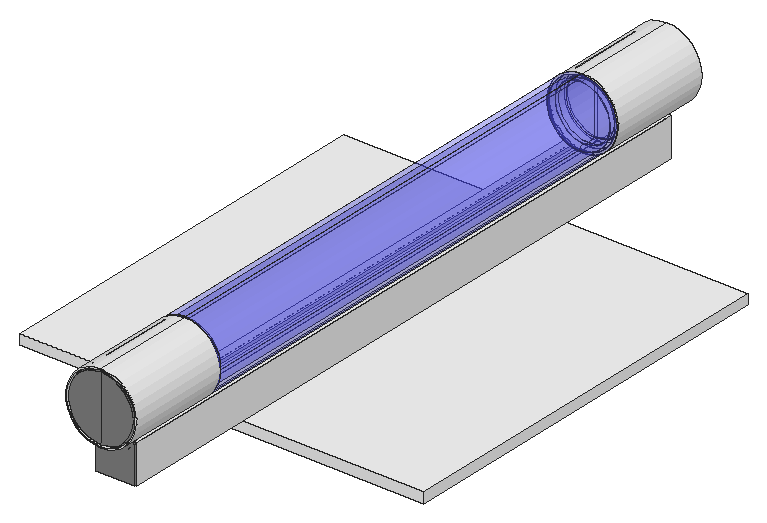
Revit family "BE_23256.1_de_DE", category Leuchten, Revit 2015
Parameters (values of type "BEGA_23256.1_K4")
  built-in parameter 1150104 = 11.669 (stored number, unit not read)
  Wattage = 16.8 W
  Default Elevation = 0 mm
  built-in parameter 1150113 = 1 (stored number, unit not read)
  built-in parameter 1114218 = 1 (stored number, unit not read)
  Umgebungstemperatur = "25 °C"
  URL = "http://www.bega.de/produkt/23256.1"
  Typenkommentare = "© 2017 BEGA. Wir behalten uns das Recht vor, technische Änderungen ohne vorherige Ankündigung vorzunehmen."  # constant formula
  built-in parameter 1150134 = 12
  built-in parameter 1150109 = 1 (stored number, unit not read)
  Strom = ""
  built-in parameter 1150110 = 1 (stored number, unit not read)
  Spannung = 239.996 V
  Sonderanfertigung = no
  Seriennummer [instance] = "Hier können Sie die eindeutige Seriennummer für das Facility Management eintragen."
  Schutzklasse = "I"
  Schutzart = "IP 44"
  Scheinlast = 0 VA
  Produktdatenblatt = "http://www.bega.de/download/Xrfa/db/23256.1.db.de.pdf"
  Oberflächentemperatur = ""
  Neigungswinkel = 0.00°
  Modell = "23256.1K4"
  Material_17 = BEGA_Reflektor
  Material_15 = BEGA_Leuchtmedium_matt
  Material_11 = BEGA_Glas_opal
  Material_09 = BEGA_Glas_klar
  Material_06 = BEGA_Oberfläche_Edelstahl_gebürstet
  Material_05 = BEGA_Oberfläche_Aluminium Guss
  Material_04 = BEGA_Kunststoff_Grafit_matt
  Material_03 = BEGA_Oberfläche_Weiss_matt
  Material_02 = BEGA_Oberfläche_Silber_matt
  Material_01 [instance] = BEGA_Oberfläche_Grafit_matt
  M_W = no
  M_G = no
  M_A = no
  Logo = 0
  built-in parameter 1114217 = 1 (stored number, unit not read)
  built-in parameter 1150139 = (empty or 0)
  built-in parameter 1150105 = 167.91 (stored number, unit not read)
  built-in parameter 1150114 = 1 (stored number, unit not read)
  Lumens = 2110.08 lm
  built-in parameter 1150115 = 1 (stored number, unit not read)
  Leuchtenlichtstrom = "1302 lm"
  Leuchtenanzahl = ""
  Lebensdauerkriterien = "L70B50 @ 25 °C = 250000 h"
  Lastklassifizierung = Beleuchtung
  built-in parameter 1150112 = 1 (stored number, unit not read)
  Lampenlichtstrom = "2110 lm"
  Lampe = "LED 16.8 W"
  LED_Modulbezeichnung = "2x LED-0425/840"
  Hersteller = "BEGA"  # constant formula
  Halbstreuwinkel = ""
  Gewicht = "2.2 kg"
  Gebrauchslageneinschränkung [instance] = ""
  Frequenz = "0/50-60 Hz"
  Farbwiedergabeindex = "Ra > 80"
  Farbtemperaturverschiebung bei Dämpfen der Lampe = <Keine Auswahl>
  Farbtemperatur = "4000 K"
  Color Filter = 16777215
  built-in parameter 1150133 = 10 (stored number, unit not read)
  Energieeffizienzklasse = "LED A++ - A"
  built-in parameter 1150137 = (empty or 0)
  built-in parameter 1150132 = (empty or 0)
  ENEC = ""
  Dimmbar [instance] = ""
  Datei für fotometrisches Netz = "BE_23256K4.IES"
  CE_Konformität = "ja"
  Bestellnummer = "23256.1K4"
  Beschreibung_Sonderanfertigung = "Hier können Sie Informationen zur Sonderanfertigung eintragen."
  Beschreibung = "Wandleuchte"
  built-in parameter 1150106 = 1.6791 (stored number, unit not read)
  Befestigungsbohrung = "Ø 6 mm"
  Befestigungsabstand = "460 mm"
  Ballwurfsicher = ""
  BEGA_Intern_aus = yes
  BEGA_Intern_an = yes
  BEGA_Intern_Konstruktion = yes
  BEGA_Intern = yes
  BEGA_IES = yes
  BEGA_Dummy = no
  Anschlussleitung = ""
  Anschlussleistung [instance] = "20 W"
  Anschlusskasten = ""
  built-in parameter 1150107 = 4000 (stored number, unit not read)
  built-in parameter 1150102 = (empty or 0)
  built-in parameter 1150138 = (empty or 0)
  Aktualisierung = "2017-09-29T04:10:01"
  Abstand_zur_angestrahlten_Fläche [instance] = ""
  AC/DC = "AC/DC"
Types (2, lengths in mm): name | built-in parameter 1150104 | built-in parameter 1150134 | Modell | built-in parameter 1150105 | Lumens | Leuchtenlichtstrom | Lampenlichtstrom | LED_Modulbezeichnung | Farbtemperatur | Datei für fotometrisches Netz | Bestellnummer | built-in parameter 1150106 | built-in parameter 1150107
  BEGA_23256.1_K3 | 10.842 (stored number, unit not read) | (empty or 0) | "23256.1" | 156.02 (stored number, unit not read) | 1960.56 lm | "1210 lm" | "1960 lm" | "2x LED-0425/830" | "3000 K" | "BE_23256.IES" | "23256.1" | 1.5602 (stored number, unit not read) | 3000 (stored number, unit not read)
  BEGA_23256.1_K4 | 11.669 (stored number, unit not read) | 12 | "23256.1K4" | 167.91 (stored number, unit not read) | 2110.08 lm | "1302 lm" | "2110 lm" | "2x LED-0425/840" | "4000 K" | "BE_23256K4.IES" | "23256.1K4" | 1.6791 (stored number, unit not read) | 4000 (stored number, unit not read)
Reference planes
  plane 1 "Mitte (Vorne/Hinten)": y = 0
  plane 2: z = 0
  plane 3 "Mitte (Links/Rechts)": x = 0
  plane 4 "Links": x = -35
  plane 5 "Rechts": x = 35
  plane 6 "Unten": y = -349.5
  plane 7 "Oben": y = 349.5
  plane 8 "Vorne": z = 104.517
  plane 9 "Hinten": z = 0
Forms (mm)
  Extrusion 1, solid, material "BEGA_Platte_Weiss"
    sketch origin (0, -1119.2, 0) x (1, 0, 0) y (0, 1, 0)
      loop
        line (-200, 1319.2) -> (-200, 919.2) -> (200, 919.2) -> (200, 1319.2) -> (-200, 1319.2)
    from 0 to -10
  Extrusion 2, solid, material "BEGA_Dummy_matt", visible <- "BEGA_Dummy"
    sketch origin (80.095, -76.023, 0) x (1, 0, 0) y (0, 1, 0)
      loop
        line (-115.095, 425.523) -> (-115.095, -273.477) -> (-45.095, -273.477) -> (-45.095, 425.523) -> (-115.095, 425.523)
    from 0 to 104.517
Dimensions and locks
  plane 1 "Mitte (Vorne/Hinten)" to Extrusion 1 = 200 mm
  aligned and locked: plane 2 to Extrusion 1
  aligned and locked: level to Extrusion 1
Nested families
  nested 1: "BE_23256.1" at (0, 0, 0) x (0, 1, 0) z (0, 0, 1), type "BE_23256.1"
Connectors
  electrical at (0, 0, 0), driven by "Lastklassifizierung", driven by "Spannung", driven by "Scheinlast"
    settings: index 1, voltage 239.996 V, apparent load 0 VA, apparent load phase1 0 VA, apparent load phase2 0 VA, apparent load phase3 0 VA, power factor 1, load classification "Beleuchtung", number of poles 1, system type 31, power factor state 1, is connector primary yes, connector utility no, sub classification motor no, connector description ""
Definition of nested family "BE_23256.1"
  Parameters (values of type "BE_23256.1")
    Default Elevation = 1 mm
    URL = "http://www.bega.de/de/produkt"
    Type Comments = "© 2015 BEGA. Wir behalten uns das Recht vor, technische Änderungen ohne vorherige Ankündigung vorzunehmen. "  # constant formula
    Type Image = (empty or 0)
    Neigungswinkel_um_Z2 = 0.00°
    Neigungswinkel_um_Z1 = 0.00°
    Neigungswinkel_um_Y2 = 0.00°
    Neigungswinkel_um_Y1 = 0.00°
    Neigungswinkel_um_X2 = 0.00°
    Neigungswinkel_um_X1 = 0.00°
    Material_17 = none
    Material_15 = none
    Material_11 = none
    Material_09 = none
    Material_06 = none
    Material_05 = none
    Material_04 = none
    Material_03 = none
    Material_02 = none
    Material_01 = none
    M_W = yes
    M_G = yes
    M_A = yes
    Länge_Platte = 800 mm  # constant formula
    Höhe_Platte = -10 mm  # constant formula
    Manufacturer = "BEGA"  # constant formula
    Drehwinkel_um_Z2 = 0.00°
    Drehwinkel_um_Z1 = 0.00°
    Breite_Platte = 200 mm  # constant formula
  Reference planes
    plane 1 "Mitte (Oben/Unten)": y = 0
    plane 2: z = 0
    plane 3 "Mitte (Links/Rechts)": x = 0
    plane 4: y = 35
    plane 5: y = -35
    plane 6: z = 104.517
    plane 7: x = -349.5
    plane 8: x = 349.5
    plane 9: z = 104.517
  Forms (mm)
    Extrusion 1, solid, detail levels medium
      sketch origin (0, 0, 0) x (1, 0, 0) y (0, 1, 0)
        loop
          line (-400, 100) -> (-400, -100) -> (400, -100) -> (400, 100) -> (-400, 100)
      from 0 to -10 <- "Höhe_Platte"
    Extrusion 2, solid, material <- "Material_03", detail levels medium+fine
      sketch origin (0, 0, 0) x (0, 1, 0) y (0, 0, 1)
        loop
          line (-20, 37.5) -> (-20, 0) -> (-15.75, 0) -> (-15.75, 6.5) -> (-16.8, 6.5)
          arc (-16.8, 6.5) -> (-17.507, 6.793) -> (-17.8, 7.5) r 1
          line (-17.8, 7.5) -> (-17.8, 32.29)
          arc (-17.8, 32.29) -> (-16.811, 33.7) -> (-15.148, 33.251) r 1.5
          line (-15.148, 33.251) -> (-11.917, 29.4) -> (11.917, 29.4) -> (15.148, 33.251)
          arc (15.148, 33.251) -> (16.811, 33.7) -> (17.8, 32.29) r 1.5
          line (17.8, 32.29) -> (17.8, 7.5)
          arc (17.8, 7.5) -> (17.507, 6.793) -> (16.8, 6.5) r 1
          line (16.8, 6.5) -> (15.75, 6.5) -> (15.75, 0) -> (20, 0) -> (20, 37.5) -> (18, 39.5)
          arc (18, 39.5) -> (15.101, 37.578) -> (12, 36.005) r 30
          line (12, 36.005) -> (12, 33.9)
          arc (12, 33.9) -> (11.561, 32.839) -> (10.5, 32.4) r 1.5
          line (10.5, 32.4) -> (-10.5, 32.4)
          arc (-10.5, 32.4) -> (-11.561, 32.839) -> (-12, 33.9) r 1.5
          line (-12, 33.9) -> (-12, 36.005)
          arc (-12, 36.005) -> (-15.101, 37.578) -> (-18, 39.5) r 30
          line (-18, 39.5) -> (-20, 37.5)
      from -330.5 to 329.203
    Extrusion 3, solid, material <- "Material_03", detail levels medium+fine
      sketch origin (0, 0, 0) x (1, 0, 0) y (0, 0, 1)
        loop
          line (222.5, 4.3) -> (222.5, 1) -> (242.5, 1) -> (242.5, 4.3) -> (222.5, 4.3)
        loop
          line (-237.5, 4.3) -> (-237.5, 1) -> (-217.5, 1) -> (-217.5, 4.3) -> (-237.5, 4.3)
      from -17.577 to 17.577
    Extrusion 4, solid, material <- "Material_04", detail levels medium+fine
      sketch origin (0, 0, 0) x (0, 1, 0) y (0, 0, 1)
        loop
          line (-18.99, 0.01) -> (18.99, 0.01) -> (19, 36.578) -> (17.542, 38.036)
          arc (17.542, 38.036) -> (0, 32.49) -> (-17.542, 38.036) r 30.51
          line (-17.542, 38.036) -> (-18.99, 36.588) -> (-18.99, 0.01)
      from 329.203 to 331
    Extrusion 5, solid, material <- "Material_04", detail levels medium+fine
      sketch origin (0, 0, 0) x (0, 1, 0) y (0, 0, -1)
        loop
          line (-18.99, -0.01) -> (-18.99, -36.588) -> (-17.542, -38.036)
          arc (-17.542, -38.036) -> (0, -32.49) -> (17.542, -38.036) r 30.51
          line (17.542, -38.036) -> (19, -36.578) -> (18.99, -0.01) -> (-18.99, -0.01)
      from 330.5 to 332
    Extrusion 6, void
      sketch origin (0, 0, 0) x (1, 0, 0) y (0, 1, 0)
        loop
          arc (229.5, 3) -> (226.5, 0) -> (229.5, -3) r 3
          line (229.5, -3) -> (235.5, -3)
          arc (235.5, -3) -> (237.616, -2.127) -> (238.5, -0.016) r 3
          arc (238.5, -0.016) -> (237.616, 2.127) -> (235.5, 3) r 3
          line (235.5, 3) -> (229.5, 3)
        loop
          arc (-224.5, 3) -> (-227.5, 6) -> (-230.5, 3) r 3
          line (-230.5, 3) -> (-230.5, -3)
          arc (-230.5, -3) -> (-229.628, -5.114) -> (-227.485, -6) r 3
          arc (-227.485, -6) -> (-225.373, -5.116) -> (-224.5, -3) r 3
          line (-224.5, -3) -> (-224.5, 3)
      from 0 to 6.5
    Revolve 7, void
      sketch origin (-299.5, 0, 0) x (0, 1, 0) y (0, 0, 1)
        loop
          line (-6, 32.4) -> (-6, 29.4) -> (0, 29.4) -> (0, 32.4) -> (-6, 32.4)
        axis (0, 32.4) -> (0, 29.4)
      angle from 0 to 360
    Revolve 8, solid, material <- "Material_03", detail levels medium+fine
      sketch origin (0, 0, 0) x (1, 0, 0) y (0, 0, 1)
        loop
          line (-349.5, 103.267) -> (-346.93, 103.267) -> (-346.16, 102.822) -> (-334.5, 102.517) -> (-246.5, 102.517) -> (-246.5, 104.517) -> (-349.5, 104.517) -> (-349.5, 103.267)
        loop
          line (349.5, 103.267) -> (349.5, 104.517) -> (246.5, 104.517) -> (246.5, 102.517) -> (334.5, 102.517) -> (346.16, 102.822) -> (346.93, 103.267) -> (349.5, 103.267)
        axis (-349.5, 69.517) -> (349.5, 69.517)
      angle from 0 to 360
    Revolve 9, solid, material <- "Material_04", detail levels medium+fine
      sketch origin (0, 0, 0) x (1, 0, 0) y (0, 0, 1)
        loop
          line (-349.5, 101.517) -> (-349.5, 69.517) -> (-343.5, 69.517) -> (-343.5, 100.067) -> (-334.5, 100.381) -> (-334.5, 103.017) -> (-346.5, 103.017) -> (-346.5, 101.517) -> (-349.5, 101.517)
        loop
          line (349.5, 101.517) -> (346.5, 101.517) -> (346.5, 103.017) -> (334.5, 103.017) -> (334.5, 100.381) -> (343.5, 100.067) -> (343.5, 69.517) -> (349.5, 69.517) -> (349.5, 101.517)
        axis (-349.5, 69.517) -> (349.5, 69.517)
      angle from 0 to 360
    Revolve 10, solid, material <- "Material_11", detail levels medium+fine
      sketch origin (0, 0, 0) x (1, 0, 0) y (0, 0, 1)
        loop
          line (-252, 98.517) -> (-247.915, 98.517)
          arc (-247.915, 98.517) -> (-243.622, 97.721) -> (-240.493, 100.767) r 4.75
          line (-240.493, 100.767) -> (241.493, 100.767)
          arc (241.493, 100.767) -> (244.622, 97.721) -> (248.915, 98.517) r 4.75
          line (248.915, 98.517) -> (252.836, 98.517) -> (261.25, 97.781) -> (261.25, 69.517) -> (265, 69.517) -> (265, 99.388)
          arc (265, 99.388) -> (264.476, 100.734) -> (263.184, 101.376) r 2
          line (263.184, 101.376) -> (253, 102.267) -> (245, 102.36) -> (245, 104.517) -> (-245, 104.517) -> (-245, 102.267) -> (-252, 102.267) -> (-252, 98.517)
        axis (-252, 69.517) -> (265, 69.517)
      angle from 0 to 360
    Revolve 11, void
      sketch origin (0, 0, 0) x (1, 0, 0) y (0, 0, 1)
        loop
          line (346.8, 79.117) -> (346.8, 69.517) -> (349.713, 69.517) -> (349.713, 79.295) -> (346.8, 79.117)
        axis (346.8, 69.517) -> (349.713, 69.517)
      angle from 0 to 360
    Revolve 12, solid, material <- "Material_06", detail levels fine
      sketch origin (0, 0, 0) x (1, 0, 0) y (0, 0, 1)
        loop
          line (346.8, 79.017) -> (346.8, 69.517) -> (349.3, 69.517) -> (349.3, 79.017) -> (346.8, 79.017)
        axis (346.8, 69.517) -> (349.3, 69.517)
      angle from 0 to 360
  Cuts and joins
    joined: Extrusion 4, Extrusion 5
    Revolve 7 cuts Extrusion 2
    Extrusion 6 cuts Extrusion 3
    joined: Extrusion 2, Extrusion 3
    Revolve 11 cuts Revolve 9
  Dimensions and locks
    equal spacing: Extrusion 1 sketch curve, plane 3 "Mitte (Links/Rechts)", Extrusion 1 sketch curve
    equal spacing: Extrusion 1 sketch curve, plane 1 "Mitte (Oben/Unten)", Extrusion 1 sketch curve
    "Länge_Platte": Extrusion 1 sketch curve to Extrusion 1 sketch curve
    "Breite_Platte": Extrusion 1 sketch curve to Extrusion 1 sketch curve
    aligned and locked: Extrusion 1 to plane 2
    aligned and locked: level to Extrusion 1
  Automatic sketch dimensions
    Extrusion 2 sketch curve to Extrusion 2 sketch curve = 0 mm  (x2)
    Extrusion 2 sketch curve to level = 0 mm  (x2)
    Extrusion 2 sketch curve to plane 1 "Mitte (Oben/Unten)" = 0 mm
    plane 1 "Mitte (Oben/Unten)" to Extrusion 2 sketch curve = 10.5 mm
    Extrusion 2 sketch curve to Extrusion 2 sketch curve = 1.417 mm  (x2)
    Extrusion 2 sketch curve to Extrusion 2 sketch curve = 1.5 mm  (x3)
    Extrusion 2 sketch curve to Extrusion 2 sketch curve = 3.148 mm  (x2)
    plane 1 "Mitte (Oben/Unten)" to Extrusion 2 sketch curve = 15.75 mm
    Extrusion 2 sketch curve to Extrusion 2 sketch curve = 1.152 mm  (x2)
    Extrusion 2 sketch curve to Extrusion 2 sketch curve = 1.05 mm  (x2)
    Extrusion 2 sketch curve to Extrusion 2 sketch curve = 1 mm
    Extrusion 2 sketch curve to Extrusion 2 sketch curve = 2.852 mm  (x2)
    Extrusion 2 sketch curve to Extrusion 2 sketch curve = 2 mm  (x2)
    Extrusion 2 sketch curve to plane 1 "Mitte (Oben/Unten)" = 10.5 mm
    level to Extrusion 2 sketch curve = 6.5 mm  (x2)
    Extrusion 2 sketch curve to plane 1 "Mitte (Oben/Unten)" = 15.75 mm
    Extrusion 2 sketch curve to Extrusion 2 sketch curve = 4.25 mm
    Extrusion 2 sketch curve to Extrusion 2 sketch curve = 21.9 mm
    Extrusion 2 sketch curve to Extrusion 2 sketch curve = 2.89 mm  (x2)
    Extrusion 2 sketch curve to Extrusion 2 sketch curve = 3 mm
    Extrusion 2 sketch curve to Extrusion 2 sketch curve = 2.105 mm  (x2)
    Extrusion 2 sketch curve to Extrusion 2 sketch curve = 5.21 mm  (x2)
    level to Extrusion 3 sketch curve = 1 mm  (x2)
    Extrusion 3 sketch curve to Extrusion 3 sketch curve = 20 mm  (x2)
    level to Extrusion 3 sketch curve = 4.3 mm
    Extrusion 3 sketch curve to Extrusion 3 sketch curve = 3.3 mm
    Extrusion 4 sketch curve to plane 1 "Mitte (Oben/Unten)" = 0 mm
    Extrusion 4 sketch curve to plane 5 = 17.458 mm
    level to Extrusion 4 sketch curve = 0.01 mm
    Extrusion 4 sketch curve to plane 5 = 16.01 mm
    Extrusion 4 sketch curve to plane 4 = 17.458 mm
    Extrusion 4 sketch curve to plane 4 = 16.01 mm
    Extrusion 4 sketch curve to Extrusion 4 sketch curve = 1.458 mm  (x2)
    Extrusion 4 sketch curve to Extrusion 4 sketch curve = 36.567 mm
    Extrusion 4 sketch curve to Extrusion 4 sketch curve = 36.578 mm
    Extrusion 5 sketch curve to plane 1 "Mitte (Oben/Unten)" = 0 mm
    Extrusion 5 sketch curve to plane 5 = 17.458 mm
    level to Extrusion 5 sketch curve = 0.01 mm
    Extrusion 5 sketch curve to plane 5 = 16.01 mm
    Extrusion 5 sketch curve to plane 4 = 17.458 mm
    Extrusion 5 sketch curve to plane 4 = 16.01 mm
    Extrusion 5 sketch curve to Extrusion 5 sketch curve = 1.458 mm
    Extrusion 5 sketch curve to Extrusion 5 sketch curve = 36.567 mm
    Extrusion 5 sketch curve to Extrusion 5 sketch curve = 36.578 mm
    Extrusion 5 sketch curve to Extrusion 5 sketch curve = 1.448 mm
    Extrusion 6 sketch curve to Extrusion 6 sketch curve = 0 mm  (x5)
    plane 1 "Mitte (Oben/Unten)" to Extrusion 6 sketch curve = 0 mm  (x2)
    Extrusion 6 sketch curve to plane 1 "Mitte (Oben/Unten)" = 3 mm
    Extrusion 6 sketch curve to Extrusion 6 sketch curve = 3 mm  (x2)
    plane 1 "Mitte (Oben/Unten)" to Extrusion 6 sketch curve = 3 mm  (x2)
    Extrusion 6 sketch curve to Extrusion 6 sketch curve = 6 mm
    Extrusion 6 sketch curve to Extrusion 6 sketch curve = 0.02 mm
    Extrusion 6 sketch curve to Extrusion 6 sketch curve = 0.035 mm
    Extrusion 6 sketch curve to plane 1 "Mitte (Oben/Unten)" = 0.016 mm
    plane 1 "Mitte (Oben/Unten)" to Extrusion 6 sketch curve = 0.016 mm
    Revolve 7 sketch curve to plane 1 "Mitte (Oben/Unten)" = 0 mm  (x2)
    Revolve 7 sketch curve to Revolve 7 sketch curve = 6 mm
    level to Revolve 7 sketch curve = 29.4 mm
    Revolve 7 sketch curve to Revolve 7 sketch curve = 3 mm
    Revolve 7 sketch curve to Revolve 7 sketch curve = 4.732 mm
    Revolve 7 sketch curve to Revolve 7 sketch curve = 0 mm
    Extrusion 4 sketch curve to Extrusion 4 sketch curve = 24.964 mm
    Extrusion 5 sketch curve to Extrusion 5 sketch curve = 24.964 mm
    Revolve 8 sketch curve to Revolve 8 sketch curve = 2.57 mm
    Revolve 8 sketch curve to Revolve 8 sketch curve = 0.77 mm  (x2)
    Revolve 8 sketch curve to Revolve 8 sketch curve = 11.66 mm
    Revolve 8 sketch curve to Revolve 8 sketch curve = 88 mm
    level to Revolve 8 sketch curve = 102.517 mm  (x2)
    Revolve 8 sketch curve to Revolve 8 sketch curve = 0.305 mm  (x2)
    Revolve 8 sketch curve to Revolve 8 sketch curve = 0.445 mm  (x2)
    Revolve 8 sketch curve to Revolve 8 sketch curve = 2 mm  (x2)
    Revolve 8 sketch curve to Revolve 8 sketch curve = 27.869 mm
    Revolve 8 sketch curve to Revolve 8 sketch curve = 33 mm
    Revolve 9 sketch curve to Revolve 9 sketch curve = 3 mm
    Revolve 9 sketch curve to Revolve 9 sketch curve = 6 mm  (x2)
    Revolve 9 sketch curve to Revolve 9 sketch curve = 9 mm  (x2)
    level to Revolve 9 sketch curve = 69.517 mm  (x2)
    Revolve 9 sketch curve to Revolve 9 sketch curve = 30.55 mm  (x2)
    Revolve 9 sketch curve to Revolve 9 sketch curve = 0.314 mm  (x2)
    Revolve 9 sketch curve to Revolve 9 sketch curve = 1.45 mm  (x2)
    Revolve 9 sketch curve to Revolve 9 sketch curve = 1.5 mm  (x2)
    Revolve 9 sketch curve to Revolve 9 sketch curve = 4 mm
    Revolve 9 sketch curve to Revolve 9 sketch curve = 0 mm
    level to Revolve 12 sketch curve = 69.517 mm
    Revolve 12 sketch curve to Revolve 12 sketch curve = 9.5 mm
    Revolve 12 sketch curve to Revolve 12 sketch curve = 0 mm  (x2)
    Revolve 10 sketch curve to plane 6 = 0 mm
    plane 6 to Revolve 10 sketch curve = 2.25 mm  (x2)
    Revolve 10 sketch curve to Revolve 10 sketch curve = 4.085 mm
    Revolve 10 sketch curve to Revolve 10 sketch curve = 2.915 mm  (x2)
    Revolve 10 sketch curve to Revolve 10 sketch curve = 0 mm
    Revolve 10 sketch curve to Revolve 10 sketch curve = 4.507 mm
    plane 6 to Revolve 10 sketch curve = 3.75 mm
    plane 6 to Revolve 10 sketch curve = 2.157 mm
    Revolve 10 sketch curve to Revolve 10 sketch curve = 3.507 mm
    Revolve 10 sketch curve to Revolve 10 sketch curve = 1 mm
    Revolve 10 sketch curve to Revolve 10 sketch curve = 3.921 mm
    Revolve 10 sketch curve to Revolve 10 sketch curve = 0.164 mm
    Revolve 10 sketch curve to Revolve 10 sketch curve = 8.414 mm
    Revolve 10 sketch curve to Revolve 10 sketch curve = 1.75 mm
    plane 6 to Revolve 10 sketch curve = 3.141 mm
    Revolve 10 sketch curve to Revolve 10 sketch curve = 0.184 mm
    Revolve 10 sketch curve to Revolve 10 sketch curve = 3.75 mm  (x3)
    Revolve 10 sketch curve to Revolve 10 sketch curve = 1.988 mm
    Revolve 10 sketch curve to Revolve 10 sketch curve = 1.604 mm
    Revolve 10 sketch curve to Revolve 10 sketch curve = 28.264 mm
    Revolve 10 sketch curve to plane 3 "Mitte (Links/Rechts)" = 46.5 mm
    plane 3 "Mitte (Links/Rechts)" to Revolve 10 sketch curve = 23.5 mm
    plane 6 to Revolve 10 sketch curve = 35 mm
    Revolve 11 sketch curve to Revolve 11 sketch curve = 2.913 mm
    plane 6 to Revolve 11 sketch curve = 35 mm
    Revolve 11 sketch curve to Revolve 11 sketch curve = 9.6 mm
    Revolve 11 sketch curve to Revolve 11 sketch curve = 0.178 mm
    Revolve 11 sketch curve to Revolve 11 sketch curve = 0 mm  (x2)
    Revolve 11 sketch curve to Revolve 11 sketch curve = 0.462 mm
    plane 7 to Extrusion 3 sketch curve = 132 mm
    plane 7 to Extrusion 6 sketch curve = 125 mm
    Revolve 8 sketch curve to plane 7 = 0 mm
    Revolve 8 sketch curve to Revolve 8 sketch curve = 43.754 mm
    Revolve 9 sketch curve to plane 7 = 0 mm  (x2)
    plane 7 to Revolve 10 sketch curve = 109.007 mm
    plane 8 to Extrusion 3 sketch curve = 127 mm
    plane 8 to Extrusion 6 sketch curve = 120 mm
    Revolve 8 sketch curve to plane 8 = 0 mm
    plane 8 to Revolve 8 sketch curve = 103 mm
    plane 8 to Revolve 8 sketch curve = 15 mm
    plane 8 to Revolve 8 sketch curve = 3.34 mm
    plane 8 to Revolve 9 sketch curve = 0 mm
    plane 8 to Revolve 9 sketch curve = 3 mm
    plane 8 to Revolve 10 sketch curve = 108.007 mm
    plane 8 to Revolve 11 sketch curve = 2.7 mm
    plane 8 to Revolve 12 sketch curve = 2.7 mm
    plane 8 to Revolve 12 sketch curve = 0.2 mm
    Revolve 12 sketch curve to plane 8 = 0.342 mm
